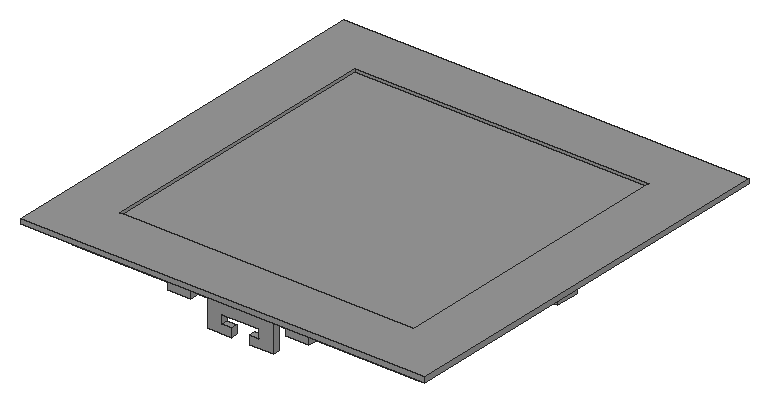
Revit family "Kanna 12W", category Lighting Fixtures, host Face, Revit 2016
Family settings
  Host = Face
  Part Type = Normal
  Round Connector Dimension = Use Diameter
  OmniClass Number = 23.80.70.11.11
  OmniClass Title = General Luminaries, Non Directional
  Cut with Voids When Loaded = No
  Light Source = Yes
  Shared = No
  Room Calculation Point = No
Parameters (values of type "Kanna 12W, Warm White, 230V - 02PP993L012R")
  Wattage Comments = "12W"
  Wattage = 12 W
  built-in parameter 1150110 = 1 (stored number, unit not read)
  Voltage = 230 V
  URL = "www.winled.fi"
  Type Image = Kanna 12W.png
  built-in parameter 1114217 = 1 (stored number, unit not read)
  Tilt Angle = -90.00°
  built-in parameter 1150109 = 1 (stored number, unit not read)
  built-in parameter 1150134 = (empty or 0)
  built-in parameter 1150113 = 1 (stored number, unit not read)
  Product Number = "02PP993L012R"
  Position Number = ""
  Photometric Web File = "Kanna 12W LV.ies"
  Operating Temperature Range = "-20° to +40°C"
  Model = "Kanna 12W"
  Manufacturer = "Winled Oy Ltd"
  built-in parameter 1150105 = 62.395 (stored number, unit not read)
  Lumens = 784.08 lm
  built-in parameter 1150115 = 1 (stored number, unit not read)
  Lumens Output = "784lm"
  built-in parameter 1150137 = (empty or 0)
  built-in parameter 1150139 = (empty or 0)
  Lifetime L70 = "50000h"
  Last Updated = "24.2.2016"
  built-in parameter 1150112 = 1 (stored number, unit not read)
  built-in parameter 1150114 = 1 (stored number, unit not read)
  Lamp = "LED"
  built-in parameter 1150132 = (empty or 0)
  built-in parameter 1150102 = (empty or 0)
  built-in parameter 1150107 = 3000 (stored number, unit not read)
  built-in parameter 1150138 = (empty or 0)
  built-in parameter 1150106 = 0.62395 (stored number, unit not read)
  IP Code = "IP44"
  Housing Material = "Aluminium"
  built-in parameter 1150104 = 6.0703 (stored number, unit not read)
  Driver = "Separate"
  Directivity = "No"
  Dimming Lamp Color Temperature Shift = <None>
  Dimmable = "Yes"
  Dimensions = "170mm x 170mm x 20mm"
  Description = "Downlight"
  Depth = "30mm"
  Default Elevation = 1219.2 mm
  Cutout = "160mm x 160mm"
  Color Temperature = "3000K"
  Color Filter = 16777215
  Casing Color = "White"
  CRI = "80"
  Beam Angle = "120°"
  built-in parameter 1114218 = 1 (stored number, unit not read)
  built-in parameter 1150133 = 10 (stored number, unit not read)
Types (3, lengths in mm): name | built-in parameter 1150134 | Product Number | Photometric Web File | built-in parameter 1150105 | Lumens | Lumens Output | built-in parameter 1150107 | built-in parameter 1150106 | built-in parameter 1150104 | Color Temperature
  (no name) | (empty or 0) | "02PP993L012R" | "Kanna 12W LV.ies" | 62.395 (stored number, unit not read) | 784.08 lm | "784lm" | 3000 (stored number, unit not read) | 0.62395 (stored number, unit not read) | 6.0703 (stored number, unit not read) | "3000K"
  Kanna 12W, Warm White, 230V - 02PP993L012R | (empty or 0) | "02PP993L012R" | "Kanna 12W LV.ies" | 62.395 (stored number, unit not read) | 784.08 lm | "784lm" | 3000 (stored number, unit not read) | 0.62395 (stored number, unit not read) | 6.0703 (stored number, unit not read) | "3000K"
  Kanna 12W, Neutral White, 230V - 02PP993N012R | 12 | "02PP993N012R" | "Kanna 12W NV.ies" | 68.354 (stored number, unit not read) | 858.96 lm | "859lm" | 4000 (stored number, unit not read) | 0.68354 (stored number, unit not read) | 6.65 (stored number, unit not read) | "4000K"
Reference planes
  plane 1 "Center (Front/Back)": y = 0
  plane 2: z = 0
  plane 3 "Center (Left/Right)": x = 0
Forms (mm)
  Extrusion 1, void
    sketch origin (0, 0, 0) x (1, 0, 0) y (0, 1, 0)
      loop
        line (-78.004, 78.042) -> (-78.004, -77.958) -> (77.996, -77.958) -> (77.996, 78.042) -> (-78.004, 78.042)
    from -23 to 0
Lines and regions (mm)
  symbolic lines
    curve 1: line (85, 85, 0) -> (85, -85, 0)
    curve 2: line (85, -85, 0) -> (-85, -85, 0)
    curve 3: line (-85, -85, 0) -> (-85, 85, 0)
    curve 4: line (-85, 85, 0) -> (85, 85, 0)
    curve 5: line (85, 85, 0) -> (-85, -85, 0)
    curve 6: line (-85, 85, 0) -> (85, -85, 0)
Dimensions and locks
  aligned and locked: plane 2 to host face
  aligned and locked: level to host face
Nested families
  nested 1: "kannamalli" at (0, 0, 0), type "kannamalli"
Connectors
  electrical at (0, 0, -8.96), driven by "Voltage"
    settings: on nested 1, index 1, voltage 230 V, apparent load 0 VA, apparent load phase1 12 VA, apparent load phase2 0 VA, apparent load phase3 0 VA, power factor 1, load classification "Lighting", number of poles 1, system type 31, power factor state 1, is connector primary yes, connector utility no, sub classification motor no, connector description ""
Definition of nested family "kannamalli"
  Reference planes
    plane 1 "Center (Front/Back)": y = 0
    plane 2: z = 0
    plane 3 "Center (Left/Right)": x = 0
  Forms (mm)
    Extrusion 1, solid
      sketch origin (0, 0, 2.04) x (1, 0, 0) y (0, 1, 0)
        loop
          line (-85.65, -85.636) -> (85.65, -85.636) -> (85.65, 85.65) -> (-85.65, 85.65) -> (-85.65, -85.636)
      from -2 to 0
    Extrusion 2, void
      sketch origin (0, 0, 3.04) x (1, 0, 0) y (0, 1, 0)
        loop
          line (-62.253, 62.25) -> (-62.253, -62.25) -> (62.25, -62.25) -> (62.25, 62.25) -> (-62.253, 62.25)
      from -2 to -1
    Extrusion 3, solid, detail levels medium+fine
      sketch origin (0, 0, -8.96) x (1, 0, 0) y (0, 1, 0)
        loop
          line (-73.35, -73.35) -> (73.35, -73.35) -> (73.35, 73.35) -> (-73.35, 73.35) -> (-73.35, -73.35)
      from 0 to 9
    Extrusion 4, solid, detail levels fine
      sketch origin (0, 0, -8.96) x (1, 0, 0) y (0, 1, 0)
        loop
          line (-20, 73.35) -> (-20, 77.35) -> (-30, 77.35) -> (-30, 73.35) -> (-20, 73.35)
        loop
          line (20, 73.35) -> (30, 73.35) -> (30, 77.35) -> (20, 77.35) -> (20, 73.35)
        loop
          line (-20, -73.35) -> (-30, -73.35) -> (-30, -77.35) -> (-20, -77.35) -> (-20, -73.35)
        loop
          line (20, -73.35) -> (20, -77.35) -> (30, -77.35) -> (30, -73.35) -> (20, -73.35)
        loop
          line (-73.35, -5) -> (-73.35, 5) -> (-77.324, 5) -> (-77.324, -5) -> (-73.35, -5)
        loop
          line (73.35, -5) -> (77.324, -5) -> (77.324, 5) -> (73.35, 5) -> (73.35, -5)
      from 0 to 9
    Extrusion 5, solid, detail levels medium+fine
      sketch origin (0, 0, -18.5) x (1, 0, 0) y (0, 1, 0)
        loop
          line (-13.732, 73.35) -> (13.845, 73.35) -> (13.845, 76.059) -> (-13.732, 76.059) -> (-13.732, 73.35)
      from 0 to 18.5
    Extrusion 6, void, detail levels fine
      sketch origin (0.048, 0, 0) x (-1, 0, 0) y (0, 0, -1)
        loop
          line (0.056, 18.5) -> (-3.785, 18.5) -> (-3.785, 14.816) -> (-7.827, 14.816) -> (-7.827, 11.318) -> (0, 11.318) -> (7.875, 11.318) -> (7.875, 14.816) -> (3.833, 14.816) -> (3.833, 18.5) -> (0.056, 18.5)
      from -76.059 to -73.35
    Extrusion 7, solid, detail levels medium+fine
      sketch origin (0, 0, -18.5) x (1, 0, 0) y (0, 1, 0)
        loop
          line (-13.732, -73.35) -> (-13.732, -76.059) -> (13.845, -76.059) -> (13.845, -73.35) -> (-13.732, -73.35)
      from 0 to 18.5
    Extrusion 8, void, detail levels fine
      sketch origin (0.048, 0, 0) x (-1, 0, 0) y (0, 0, 1)
        loop
          line (0.056, -18.5) -> (3.833, -18.5) -> (3.833, -14.816) -> (7.875, -14.816) -> (7.875, -11.318) -> (0, -11.318) -> (-7.827, -11.318) -> (-7.827, -14.816) -> (-3.785, -14.816) -> (-3.785, -18.5) -> (0.056, -18.5)
      from -76.059 to -73.35
  Cuts and joins
    Extrusion 2 cuts Extrusion 1
    Extrusion 6 cuts Extrusion 5
    Extrusion 8 cuts Extrusion 7
  Dimensions and locks
    aligned and locked: level to plane 2
